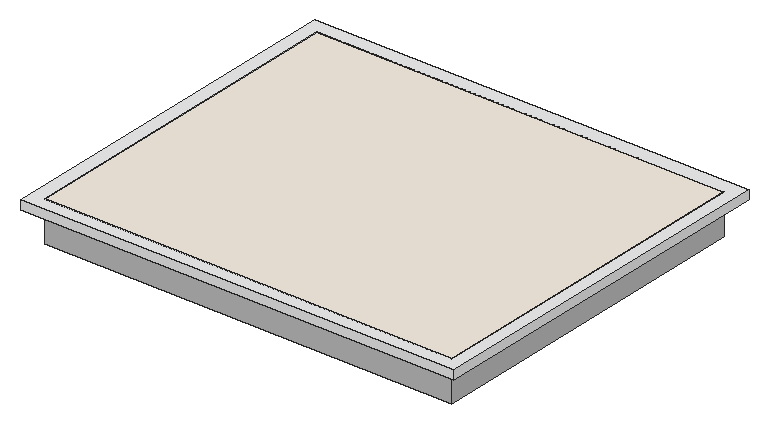
Revit family "Lighting-Industriale-GEWISS-ELIA-HL-LED_RIFLETTORE", category Apparecchi per illuminazione, host Superficie, Revit 2019 (continued)
Types (12, lengths in mm): name | Tensione | Scheda Tecnica | Potenza di sistema | Peso (kg): | Peso (kg) | Ottica | built-in parameter 1150142 | Lumen output (lm) | Modello | IDT | File diagramma fotometrico | Description
  GWF1000QH840 - ELIA HL L2 60° 4000K S.ALONE ON/OFF | "100-240 V " | "https://www.gewiss.com/it/it/search?q=GWF1000QH840" | "200W" | "4,3" | "4,3" | "60°" | "IESNA:LM-63-1995\r\n[TEST] HB25-120-4080-60D-H00111\r\n[DATE] 27 Nov 2019\r\n[MANUFAC] GEWISS\r\n[LUMCAT] GWF1000QH840\r\n[LUMINAIRE] ELIA HL - L2 60° LED840 200W\r\n[FLASHAREA] 0.013851\r\n[LAMPCAT] LED 200W/27850lm\r\n[LAMP] LED 200W/27850lm\r\nTILT=NONE\r\n1 27850.00 1.0 181 37 1 2 -0.270 0.000 0.000\r\n1.00 1.00 200.00\r\n0.00 0.50 1.00 1.50 2.00 2.50 3.00 3.50 4.00 4.50 5.00 \r\n5.50 6.00 6.50 7.00 7.50 8.00 8.50 9.00 9.50 10.00 10.50 \r\n11.00 11.50 12.00 12.50 13.00 13.50 14.00 14.50 15.00 \r\n15.50 16.00 16.50 17.00 17.50 18.00 18.50 19.00 19.50 \r\n20.00 20.50 21.00 21.50 22.00 22.50 23.00 23.50 24.00 \r\n24.50 25.00 25.50 26.00 26.50 27.00 27.50 28.00 28.50 \r\n29.00 29.50 30.00 30.50 31.00 31.50 32.00 32.50 33.00 \r\n33.50 34.00 34.50 35.00 35.50 36.00 36.50 37.00 37.50 \r\n38.00 38.50 39.00 39.50 40.00 40.50 41.00 41.50 42.00 \r\n42.50 43.00 43.50 44.00 44.50 45.00 45.50 46.00 46.50 \r\n47.00 47.50 48.00 48.50 49.00 49.50 50.00 50.50 51.00 \r\n51.50 52.00 52.50 53.00 53.50 54.00 54.50 55.00 55.50 \r\n56.00 56.50 57.00 57.50 58.00 58.50 59.00 59.50 60.00 \r\n60.50 61.00 61.50 62.00 62.50 63.00 63.50 64.00 64.50 \r\n65.00 65.50 66.00 66.50 67.00 67.50 68.00 68.50 69.00 \r\n69.50 70.00 70.50 71.00 71.50 72.00 72.50 73.00 73.50 \r\n74.00 74.50 75.00 75.50 76.00 76.50 77.00 77.50 78.00 \r\n78.50 79.00 79.50 80.00 80.50 81.00 81.50 82.00 82.50 \r\n83.00 83.50 84.00 84.50 85.00 85.50 86.00 86.50 87.00 \r\n87.50 88.00 88.50 89.00 89.50 90.00 \r\n0.00 2.50 5.00 7.50 10.00 12.50 15.00 17.50 20.00 22.50 \r\n25.00 27.50 30.00 32.50 35.00 37.50 40.00 42.50 45.00 \r\n47.50 50.00 52.50 55.00 57.50 60.00 62.50 65.00 67.50 \r\n70.00 72.50 75.00 77.50 80.00 82.50 85.00 87.50 90.00 \r\n20514.31 20514.31 20505.95 20492.03 20469.75 20441.90 \r\n20414.05 20383.42 20347.21 20308.22 20266.45 20221.89 \r\n20171.76 20118.84 20057.57 19993.51 19921.10 19845.91 \r\n19767.93 19684.38 19598.05 19508.92 19414.24 19319.55 \r\n19222.07 19121.81 19018.76 18910.15 18798.75 18681.78 \r\n18559.24 18431.13 18297.45 18163.77 18027.31 17888.06 \r\n17746.02 17601.20 17453.60 17308.78 17158.39 17002.42 \r\n16838.11 16665.44 16484.42 16295.04 16097.30 15888.43 \r\n15676.76 15462.32 15242.31 15011.15 14774.43 14534.92 \r\n14284.26 14008.55 13716.13 13406.99 13089.50 12772.01 \r\n12451.74 12128.68 11808.40 11493.69 11190.13 10897.71 \r\n10613.64 10337.92 10067.77 9803.20 9538.63 9276.84 \r\n9015.05 8753.26 8497.04 8246.39 8001.31 7756.23 7516.72 \r\n7282.78 7057.19 6837.18 6625.52 6419.43 6218.91 6012.82 \r\n5806.73 5606.21 5414.04 5227.44 5046.42 4873.75 4706.65 \r\n4545.12 4383.59 4222.06 4063.32 3912.93 3768.11 3620.50 \r\n3481.25 3350.36 3227.82 3110.85 2996.66 2890.83 2787.78 \r\n2683.90 2581.97 2488.12 2398.16 2309.04 2221.87 2135.26 \r\n2051.15 1971.78 1895.47 1821.11 1750.37 1686.32 1625.05 \r\n1561.83 1500.56 1445.69 1393.34 1341.81 1291.40 1241.27 \r\n1193.65 1152.43 1112.61 1068.88 1025.72 987.28 950.80 \r\n914.32 880.06 851.65 824.64 795.40 765.04 732.73 699.87 \r\n667.56 637.49 611.86 589.31 568.70 548.64 524.97 501.02 \r\n478.74 458.13 439.19 421.93 406.89 394.91 387.95 381.82 \r\n373.19 360.94 342.00 320.83 300.50 280.17 259.76 238.37 \r\n214.75 189.85 164.09 137.89 111.01 85.95 65.48 48.24 \r\n33.64 22.04 13.82 8.42 5.32 4.70 \r\n20514.31 20514.31 20505.95 20492.03 20471.14 20443.29 \r\n20414.05 20382.02 20348.60 20309.61 20266.45 20221.89 \r\n20171.76 20116.06 20056.18 19989.34 19918.32 19844.52 \r\n19765.15 19681.60 19598.05 19507.53 19415.63 19320.94 \r\n19226.25 19125.99 19020.16 18911.54 18800.14 18683.17 \r\n18560.63 18431.13 18298.84 18165.16 18028.70 17889.45 \r\n17747.41 17602.59 17456.38 17310.17 17159.78 17003.82 \r\n16840.90 16669.62 16488.59 16296.43 16097.30 15889.82 \r\n15676.76 15462.32 15242.31 15012.54 14777.21 14537.70 \r\n14285.66 14011.34 13718.91 13411.17 13095.07 12774.80 \r\n12455.91 12134.25 11818.15 11506.23 11202.66 10908.84 \r\n10626.17 10346.27 10074.74 9808.77 9544.19 9279.62 \r\n9017.83 8756.04 8497.04 8246.39 7999.91 7759.01 7520.89 \r\n7289.74 7064.15 6844.14 6631.09 6424.99 6223.08 6016.99 \r\n5812.30 5610.38 5414.04 5226.05 5043.64 4869.57 4699.69 \r\n4535.37 4375.23 4212.31 4053.57 3903.18 3756.97 3610.75 \r\n3471.50 3343.39 3220.85 3102.49 2991.09 2883.87 2781.10 \r\n2676.94 2575.85 2481.85 2391.76 2303.20 2216.30 2130.11 \r\n2046.14 1966.07 1888.93 1814.43 1743.69 1679.49 1617.81 \r\n1555.14 1494.71 1439.43 1387.07 1335.55 1285.42 1235.70 \r\n1188.36 1147.28 1107.46 1064.57 1022.37 984.36 948.15 \r\n911.53 877.14 847.89 820.32 791.50 761.84 730.64 698.90 \r\n667.29 637.35 611.17 587.50 566.61 546.14 523.02 499.77 \r\n478.18 457.71 438.64 421.51 406.61 394.50 387.12 380.85 \r\n372.63 361.08 342.00 320.55 300.64 280.31 260.11 238.80 \r\n215.14 190.23 164.59 138.65 112.31 87.64 67.02 49.38 \r\n34.39 22.46 14.09 8.61 5.42 4.71 \r\n20514.31 20514.31 20505.95 20492.03 20471.14 20444.69 \r\n20414.05 20383.42 20348.60 20309.61 20266.45 20219.10 \r\n20170.36 20113.27 20052.00 19986.55 19915.53 19840.34 \r\n19760.97 19681.60 19595.26 19507.53 19417.02 19323.72 \r\n19226.25 19127.38 19021.55 18912.94 18801.53 18683.17 \r\n18560.63 18432.52 18298.84 18165.16 18027.31 17888.06 \r\n17746.02 17603.99 17457.77 17311.56 17161.17 17006.60 \r\n16843.68 16671.01 16489.99 16297.82 16098.69 15889.82 \r\n15676.76 15460.93 15240.91 15013.94 14778.60 14539.09 \r\n14287.05 14012.73 13721.69 13413.95 13096.46 12777.58 \r\n12455.91 12138.42 11825.11 11515.98 11213.80 10921.38 \r\n10635.91 10354.63 10080.31 9811.56 9548.37 9282.41 \r\n9017.83 8756.04 8497.04 8244.99 7999.91 7757.62 7522.29 \r\n7292.52 7066.94 6849.71 6636.66 6430.57 6227.26 6019.78 \r\n5812.30 5610.38 5412.65 5223.27 5039.46 4862.61 4691.33 \r\n4527.02 4364.10 4201.17 4042.43 3892.04 3745.83 3601.01 \r\n3463.15 3333.65 3212.50 3094.14 2982.74 2875.51 2772.33 \r\n2669.00 2568.74 2474.61 2384.10 2295.81 2209.62 2123.84 \r\n2040.29 1959.53 1881.69 1807.05 1736.59 1671.97 1610.15 \r\n1547.90 1488.03 1432.88 1380.25 1329.00 1278.87 1229.58 \r\n1182.79 1141.43 1101.75 1059.55 1018.20 980.88 944.81 \r\n908.61 874.07 843.99 815.59 787.04 758.22 728.00 697.50 \r\n666.59 636.79 610.05 585.55 564.10 543.63 520.93 498.51 \r\n477.07 456.88 437.94 420.81 406.05 394.08 386.56 380.01 \r\n372.08 360.80 341.86 320.41 300.64 280.59 260.40 239.18 \r\n215.48 190.55 165.03 139.31 113.45 89.13 68.33 50.34 \r\n35.04 22.83 14.33 8.78 5.50 4.72 \r\n20514.31 20514.31 20505.95 20493.42 20472.54 20444.69 \r\n20415.44 20383.42 20347.21 20308.22 20265.05 20217.71 \r\n20167.58 20110.49 20047.82 19982.38 19912.75 19837.56 \r\n19759.58 19677.42 19595.26 19507.53 19417.02 19323.72 \r\n19227.64 19127.38 19024.34 18915.72 18801.53 18684.56 \r\n18560.63 18431.13 18298.84 18163.77 18027.31 17888.06 \r\n17747.41 17602.59 17457.77 17312.95 17162.56 17008.00 \r\n16845.07 16672.40 16489.99 16297.82 16097.30 15889.82 \r\n15676.76 15459.54 15239.52 15012.54 14778.60 14539.09 \r\n14288.44 14014.12 13721.69 13415.35 13097.86 12777.58 \r\n12457.31 12141.21 11830.68 11524.33 11222.16 10929.73 \r\n10644.27 10361.59 10084.49 9814.34 9548.37 9282.41 \r\n9017.83 8753.26 8494.25 8242.21 7998.52 7757.62 7523.68 \r\n7295.31 7071.12 6852.49 6640.83 6433.35 6228.65 6019.78 \r\n5812.30 5608.99 5409.86 5219.09 5033.89 4855.65 4682.98 \r\n4515.88 4351.56 4188.64 4028.50 3878.11 3733.29 3591.26 \r\n3453.40 3323.90 3201.36 3085.78 2972.99 2865.77 2762.58 \r\n2659.95 2560.39 2466.26 2375.61 2287.60 2201.82 2116.74 \r\n2033.33 1952.15 1873.75 1799.39 1729.07 1664.04 1601.93 \r\n1540.38 1481.06 1425.78 1373.14 1321.90 1272.19 1223.17 \r\n1176.66 1135.31 1095.62 1054.26 1013.88 976.84 941.19 \r\n905.13 870.59 839.96 810.71 782.31 754.04 724.94 695.55 \r\n665.34 635.95 608.80 583.60 561.60 540.85 518.57 496.70 \r\n475.82 455.90 437.11 420.12 405.64 393.80 386.14 379.32 \r\n371.38 360.38 341.44 320.00 300.36 280.62 260.62 239.48 \r\n215.74 190.80 165.39 139.86 114.41 90.42 69.43 51.12 \r\n35.56 23.14 14.54 8.93 5.58 4.73 \r\n20514.31 20514.31 20505.95 20492.03 20472.54 20446.08 \r\n20415.44 20383.42 20348.60 20308.22 20262.27 20216.31 \r\n20164.79 20107.70 20045.04 19979.59 19909.97 19834.77 \r\n19756.79 19676.03 19591.08 19506.14 19417.02 19325.12 \r\n19229.03 19130.17 19024.34 18915.72 18801.53 18684.56 \r\n18560.63 18431.13 18297.45 18162.38 18027.31 17888.06 \r\n17747.41 17602.59 17457.77 17312.95 17162.56 17008.00 \r\n16846.47 16673.80 16489.99 16297.82 16097.30 15888.43 \r\n15673.98 15459.54 15239.52 15012.54 14780.00 14539.09 \r\n14287.05 14014.12 13723.09 13415.35 13099.25 12777.58 \r\n12457.31 12143.99 11836.25 11531.29 11231.91 10939.48 \r\n10649.84 10365.77 10087.27 9817.13 9548.37 9282.41 \r\n9016.44 8750.47 8490.07 8239.42 7995.74 7756.23 7523.68 \r\n7295.31 7073.90 6855.28 6642.23 6434.74 6228.65 6019.78 \r\n5810.90 5606.21 5407.08 5214.91 5026.93 4847.29 4673.23 \r\n4504.74 4339.03 4176.11 4015.97 3865.58 3722.15 3580.12 \r\n3443.65 3314.15 3193.00 3074.64 2963.24 2856.02 2752.14 \r\n2650.21 2551.48 2457.21 2366.28 2278.69 2193.33 2108.80 \r\n2025.81 1944.07 1865.53 1791.45 1721.27 1655.82 1593.58 \r\n1532.59 1473.82 1418.82 1365.90 1314.80 1265.23 1216.63 \r\n1170.40 1129.04 1089.35 1048.69 1009.01 972.52 937.29 \r\n901.50 866.83 835.64 805.98 777.43 749.44 721.45 693.19 \r\n663.80 634.98 607.27 581.51 559.09 537.92 516.20 494.89 \r\n474.29 454.65 436.13 419.28 405.36 393.66 385.72 378.62 \r\n370.82 359.96 341.02 319.58 300.22 280.67 260.77 239.68 \r\n215.93 190.97 165.64 140.29 115.20 91.49 70.34 51.75 \r\n35.98 23.39 14.73 9.06 5.65 4.74 \r\n20514.31 20514.31 20505.95 20492.03 20472.54 20446.08 \r\n20416.84 20383.42 20347.21 20306.83 20262.27 20213.53 \r\n20162.01 20103.52 20040.86 19975.41 19905.79 19831.99 \r\n19755.40 19673.24 19591.08 19504.75 19417.02 19325.12 \r\n19230.42 19131.56 19025.73 18917.11 18802.93 18683.17 \r\n18559.24 18431.13 18297.45 18162.38 18024.52 17886.66 \r\n17746.02 17603.99 17457.77 17312.95 17162.56 17008.00 \r\n16847.86 16675.19 16489.99 16297.82 16095.91 15888.43 \r\n15673.98 15458.14 15238.13 15012.54 14780.00 14540.49 \r\n14287.05 14012.73 13721.69 13415.35 13097.86 12778.97 \r\n12458.70 12148.17 11840.43 11536.86 11238.87 10946.44 \r\n10656.80 10369.95 10088.66 9815.73 9546.98 9278.23 \r\n9012.26 8747.69 8485.90 8236.64 7992.95 7754.83 7522.29 \r\n7296.70 7073.90 6856.67 6643.62 6434.74 6227.26 6016.99 \r\n5809.51 5603.42 5402.90 5207.95 5019.96 4838.94 4664.88 \r\n4493.60 4327.89 4162.18 4004.83 3853.05 3711.01 3568.98 \r\n3432.51 3304.40 3183.26 3064.89 2952.10 2846.27 2741.28 \r\n2640.04 2542.01 2447.60 2356.39 2269.22 2184.41 2100.17 \r\n2017.59 1935.85 1856.90 1783.10 1713.47 1647.75 1585.22 \r\n1524.65 1466.58 1411.44 1358.52 1307.56 1258.26 1209.94 \r\n1164.13 1122.49 1082.81 1042.70 1003.99 967.93 932.98 \r\n897.61 863.21 831.32 801.11 772.42 744.71 717.56 690.40 \r\n661.99 633.73 605.74 579.42 556.58 535.28 513.83 493.08 \r\n472.89 453.54 435.02 418.45 404.80 393.66 385.30 377.79 \r\n369.99 359.27 340.33 319.02 299.81 280.59 260.83 239.80 \r\n216.03 191.06 165.82 140.61 115.83 92.35 71.05 52.20 \r\n36.29 23.60 14.88 9.18 5.71 4.74 \r\n20514.31 20514.31 20505.95 20492.03 20472.54 20447.47 \r\n20416.84 20383.42 20345.82 20305.44 20260.88 20212.14 \r\n20159.22 20100.74 20038.08 19972.63 19901.61 19829.20 \r\n19752.61 19671.85 19589.69 19504.75 19417.02 19326.51 \r\n19231.82 19131.56 19027.12 18918.51 18802.93 18684.56 \r\n18560.63 18431.13 18298.84 18162.38 18024.52 17886.66 \r\n17746.02 17603.99 17459.17 17314.35 17163.95 17009.39 \r\n16849.25 16675.19 16491.38 16297.82 16095.91 15887.03 \r\n15673.98 15456.75 15236.74 15013.94 14780.00 14540.49 \r\n14287.05 14011.34 13721.69 13415.35 13097.86 12778.97 \r\n12460.09 12149.56 11844.61 11543.83 11245.83 10952.01 \r\n10660.98 10372.73 10090.06 9814.34 9545.59 9276.84 \r\n9009.48 8744.90 8483.11 8232.46 7990.16 7753.44 7522.29 \r\n7295.31 7073.90 6856.67 6643.62 6433.35 6225.87 6014.21 \r\n5805.33 5599.24 5397.33 5200.99 5011.61 4830.58 4655.13 \r\n4482.46 4315.36 4151.04 3990.91 3840.52 3697.09 3556.45 \r\n3422.77 3294.66 3172.12 3055.15 2942.35 2833.74 2730.41 \r\n2629.74 2532.40 2437.71 2346.36 2259.47 2175.09 2091.40 \r\n2009.10 1927.36 1848.40 1775.02 1705.67 1639.81 1577.01 \r\n1516.99 1459.48 1404.34 1351.42 1300.46 1251.44 1203.54 \r\n1158.00 1116.23 1076.40 1036.86 998.84 963.33 928.80 \r\n893.71 859.45 827.14 796.37 767.41 739.97 713.52 687.34 \r\n659.91 632.33 604.21 577.47 554.08 532.49 511.33 491.00 \r\n471.08 452.14 433.90 417.47 404.52 393.66 385.03 377.23 \r\n369.29 358.43 339.49 318.19 299.39 280.34 260.77 239.77 \r\n216.02 191.06 165.89 140.81 116.30 93.03 71.59 52.51 \r\n36.50 23.75 15.01 9.28 5.77 4.73 \r\n20514.31 20514.31 20505.95 20492.03 20472.54 20447.47 \r\n20415.44 20383.42 20345.82 20304.04 20259.48 20209.35 \r\n20156.44 20096.56 20033.90 19968.45 19900.22 19826.42 \r\n19749.83 19670.45 19588.30 19503.35 19417.02 19327.90 \r\n19231.82 19132.95 19029.90 18918.51 18802.93 18684.56 \r\n18560.63 18431.13 18298.84 18160.99 18023.13 17885.27 \r\n17746.02 17605.38 17460.56 17314.35 17165.35 17010.78 \r\n16849.25 16676.58 16489.99 16296.43 16095.91 15887.03 \r\n15672.59 15456.75 15236.74 15013.94 14782.78 14540.49 \r\n14287.05 14011.34 13721.69 13415.35 13099.25 12780.36 \r\n12462.88 12153.74 11848.78 11549.40 11251.40 10956.19 \r\n10665.16 10375.52 10090.06 9814.34 9544.19 9274.05 \r\n9005.30 8740.72 8480.33 8229.68 7987.38 7750.66 7519.50 \r\n7293.91 7072.51 6855.28 6642.23 6430.57 6221.69 6010.03 \r\n5799.76 5592.28 5391.76 5194.03 5003.25 4822.23 4645.38 \r\n4472.71 4304.22 4138.51 3978.37 3829.38 3685.95 3546.70 \r\n3411.63 3284.91 3160.98 3045.40 2932.61 2823.99 2719.55 \r\n2619.43 2522.65 2427.68 2336.06 2249.58 2165.76 2082.62 \r\n2000.60 1919.00 1840.05 1767.08 1698.29 1632.15 1569.07 \r\n1509.47 1452.52 1397.37 1344.46 1293.77 1244.76 1197.27 \r\n1151.74 1109.82 1070.00 1031.15 993.83 958.74 924.48 \r\n889.95 855.83 823.11 791.91 762.81 735.10 709.48 684.14 \r\n657.82 630.66 602.53 575.38 551.71 529.85 508.96 489.05 \r\n469.41 450.75 432.65 416.50 404.10 393.66 384.89 376.53 \r\n368.32 357.32 338.66 317.49 298.83 280.20 260.58 239.61 \r\n215.89 191.00 165.87 140.88 116.62 93.52 71.95 52.68 \r\n36.62 23.87 15.10 9.36 5.81 4.73 \r\n20514.31 20514.31 20504.56 20492.03 20472.54 20446.08 \r\n20416.84 20382.02 20344.42 20302.65 20258.09 20207.96 \r\n20155.05 20093.78 20029.72 19965.67 19897.43 19823.63 \r\n19747.04 19669.06 19586.90 19503.35 19418.41 19327.90 \r\n19233.21 19134.34 19029.90 18918.51 18804.32 18684.56 \r\n18560.63 18432.52 18298.84 18162.38 18024.52 17885.27 \r\n17747.41 17605.38 17461.95 17315.74 17165.35 17012.17 \r\n16852.03 16677.97 16492.77 16299.21 16097.30 15888.43 \r\n15675.37 15459.54 15238.13 15015.33 14784.17 14543.27 \r\n14288.44 14012.73 13721.69 13415.35 13100.64 12783.15 \r\n12465.66 12157.92 11854.35 11553.57 11256.97 10961.76 \r\n10667.94 10376.91 10090.06 9814.34 9542.80 9271.26 \r\n9003.91 8736.55 8477.54 8226.89 7984.60 7747.87 7519.50 \r\n7292.52 7071.12 6852.49 6640.83 6427.78 6217.51 6004.46 \r\n5794.19 5588.10 5384.80 5187.06 4994.90 4812.48 4635.63 \r\n4462.96 4291.69 4127.37 3968.63 3816.84 3674.81 3536.95 \r\n3401.88 3275.16 3152.62 3035.65 2924.25 2814.24 2709.25 \r\n2609.55 2513.18 2418.08 2326.31 2239.98 2156.43 2073.71 \r\n1992.25 1910.79 1832.11 1759.56 1691.19 1624.91 1561.55 \r\n1502.51 1445.97 1390.83 1337.91 1287.23 1238.63 1191.28 \r\n1146.17 1103.97 1064.01 1025.72 988.95 954.14 920.30 \r\n886.19 852.35 819.35 787.74 758.22 730.64 705.58 680.93 \r\n655.45 629.27 601.00 573.43 549.62 527.48 506.73 487.10 \r\n467.74 449.36 431.54 415.52 403.69 393.80 384.75 375.84 \r\n367.34 356.20 337.40 316.52 298.27 279.75 260.27 239.27 \r\n215.63 190.80 165.74 140.85 116.78 93.84 72.13 52.72 \r\n36.66 23.94 15.18 9.43 5.85 4.73 \r\n20514.31 20512.92 20504.56 20492.03 20472.54 20446.08 \r\n20416.84 20382.02 20345.82 20302.65 20256.70 20206.57 \r\n20150.87 20092.38 20028.33 19964.27 19894.65 19822.24 \r\n19747.04 19667.67 19585.51 19503.35 19418.41 19327.90 \r\n19234.60 19135.74 19029.90 18919.90 18804.32 18684.56 \r\n18560.63 18432.52 18300.24 18163.77 18024.52 17886.66 \r\n17747.41 17608.16 17463.34 17318.52 17168.13 17014.96 \r\n16853.43 16679.37 16494.16 16300.60 16098.69 15889.82 \r\n15
